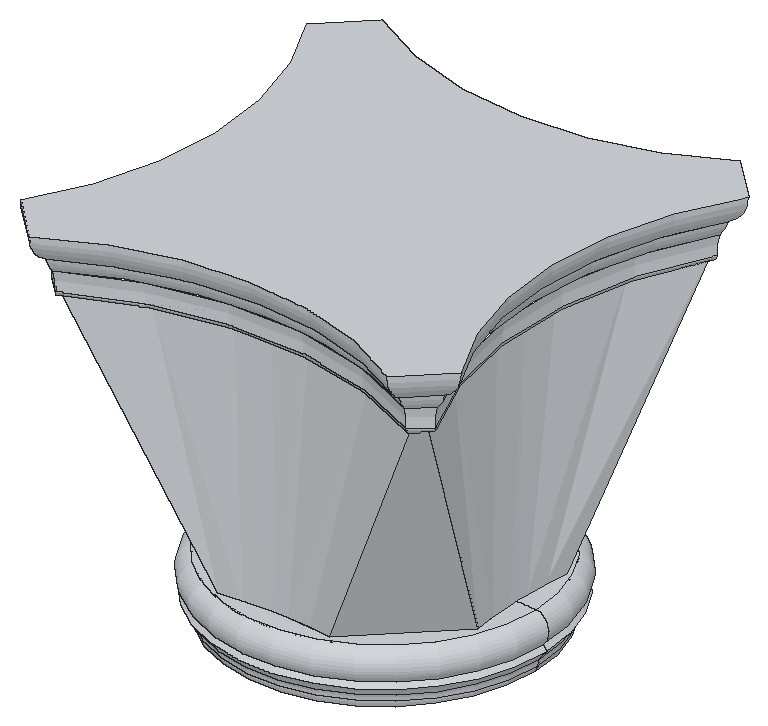
Revit family "OracDecor_K1122", category Обобщенные модели, Revit 2019
Family settings
  Может служить основой для арматурных стержней = Нет
  Размер круглого соединителя = Использовать диаметр
  Тип детали = Нормальный
  На основе рабочей плоскости = Нет
  Всегда вертикально = Да
  При загрузке вырезать с полостями = Нет
  Общий = Нет
  Точка расчета площади = Нет
Parameters
  Изготовитель = "Family from POCHERTEAM"  # constant formula
  URL = "t.me/pocherteam"
Reference planes
  plane 1 "По центру (Вперед/Назад)": y = 0
  plane 2: z = 0
  plane 3 "По центру (Влево/Вправо)": x = 0
Forms (mm)
  Revolve 1, solid
    sketch origin (0, -182.5, 0) x (1, 0, 0) y (0, 0, 1)
      loop
        line (182.5, 0) -> (182.5, 240) -> (82.5, 240) -> (82.5, 45.31) -> (58.588, 45.31)
        arc (58.588, 45.31) -> (49.006, 34.674) -> (53.893, 21.219) r 13.902
        arc (53.893, 21.219) -> (52.219, 19.358) -> (50.743, 17.336) r 24.586
        arc (50.743, 17.336) -> (53.744, 14.013) -> (56.213, 10.278) r 29.802
        arc (56.213, 10.278) -> (57.404, 7.587) -> (58.082, 4.723) r 15.972
        arc (58.082, 4.723) -> (58.651, 2.29) -> (59.649, 0) r 13.854
        line (59.649, 0) -> (182.5, 0)
      axis (182.5, 0) -> (182.5, 240)
    angle from 0 to 360
  Sweep 2, solid
    path origin (0, 0, 0) x (1, 0, 0) y (0, 1, 0)
      loop
        arc (0, -34) -> (42.252, -180) -> (0, -326) r 273.377
        line (0, -326) -> (34, -360)
        arc (34, -360) -> (180, -317.748) -> (326, -360) r 273.377
        line (326, -360) -> (360, -326)
        arc (360, -326) -> (317.748, -180) -> (360, -34) r 273.377
        line (360, -34) -> (326, 0)
        arc (326, 0) -> (180, -42.252) -> (34, 0) r 273.377
        line (34, 0) -> (0, -34)
    profile origin (17, -17, 0) x (-0.707107, 0.707107, 0) y (0, 0, 1)
      loop
        line (0, 300) -> (-23.586, 300) -> (-23.586, 246.688) -> (-21.859, 246.688)
        arc (-21.859, 246.688) -> (-19.514, 247.922) -> (-18.705, 250.446) r 3.503
        arc (-18.705, 250.446) -> (-18.596, 258.632) -> (-17.001, 266.661) r 44.886
        arc (-17.001, 266.661) -> (-13.791, 271.916) -> (-11.829, 277.753) r 27.544
        arc (-11.829, 277.753) -> (-3.141, 287.402) -> (0, 300) r 26.835
  Blend 3, solid
    base sketch origin (182.5, -182.5, 45.31) x (0, 1, 0) y (-1, 0, 0)
      loop
        line (-110.135, -43.16) -> (-43.16, -110.135)
        arc (-43.16, -110.135) -> (2.5, -106.663) -> (48.16, -110.135) r 301.963
        line (48.16, -110.135) -> (114.052, -44.242)
        arc (114.052, -44.242) -> (110.413, 2.5) -> (114.052, 49.242) r 301.963
        line (114.052, 49.242) -> (49.242, 114.052)
        arc (49.242, 114.052) -> (2.5, 110.413) -> (-44.242, 114.052) r 301.963
        line (-44.242, 114.052) -> (-110.135, 48.16)
        arc (-110.135, 48.16) -> (-106.663, 2.5) -> (-110.135, -43.16) r 301.963
    top sketch origin (182.5, -182.5, 45.31) x (0, 1, 0) y (-1, 0, 0)
      loop
        line (-147.93, -139.714) -> (-139.714, -147.93)
        arc (-139.714, -147.93) -> (2.5, -111.663) -> (144.714, -147.93) r 296.963
        line (144.714, -147.93) -> (152.93, -139.714)
        arc (152.93, -139.714) -> (116.663, 2.5) -> (152.93, 144.714) r 296.963
        line (152.93, 144.714) -> (144.714, 152.93)
        arc (144.714, 152.93) -> (2.5, 116.663) -> (-139.714, 152.93) r 296.963
        line (-139.714, 152.93) -> (-147.93, 144.714)
        arc (-147.93, 144.714) -> (-111.663, 2.5) -> (-147.93, -139.714) r 296.963
    from 0 to 201.378
  Extrusion 4, solid
    sketch origin (182.5, -182.5, 45.31) x (0, 1, 0) y (-1, 0, 0)
      loop
        line (-147.93, -139.714) -> (-139.714, -147.93)
        arc (-139.714, -147.93) -> (2.5, -111.663) -> (144.714, -147.93) r 296.963
        line (144.714, -147.93) -> (152.93, -139.714)
        arc (152.93, -139.714) -> (116.663, 2.5) -> (152.93, 144.714) r 296.963
        line (152.93, 144.714) -> (144.714, 152.93)
        arc (144.714, 152.93) -> (2.5, 116.663) -> (-139.714, 152.93) r 296.963
        line (-139.714, 152.93) -> (-147.93, 144.714)
        arc (-147.93, 144.714) -> (-111.663, 2.5) -> (-147.93, -139.714) r 296.963
    from 201.378 to 254.69
Cuts and joins
  joined: Revolve 1, Sweep 2, Blend 3, Extrusion 4
Dimensions and locks
  cut or joined group of Revolve 1, Sweep 2, Blend 3, Extrusion 4 to level = 300 mm
  cut or joined group of Revolve 1, Sweep 2, Blend 3, Extrusion 4 to plane 3 "По центру (Влево/Вправо)" = 360 mm
  cut or joined group of Revolve 1, Sweep 2, Blend 3, Extrusion 4 to plane 1 "По центру (Вперед/Назад)" = 360 mm
  plane 3 "По центру (Влево/Вправо)" to cut or joined group of Revolve 1, Sweep 2, Blend 3, Extrusion 4 = 360 mm
  aligned and locked: level to plane 2
